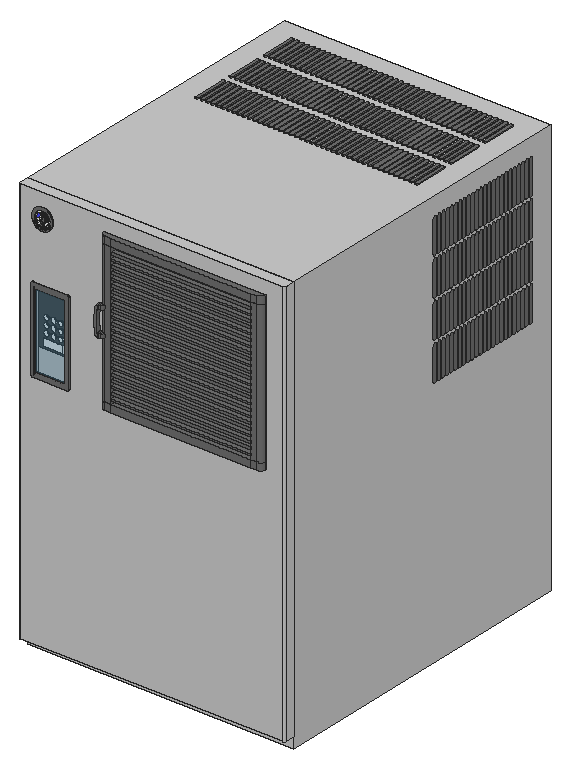
Revit family "QF_HOSHIZAKI_IM-130APE_251030081608", category Specialty Equipment, Revit 2021 (continued)
Definition of nested family "QF_HOSHIZAKI_IM-130APE_2920"
  Forms (mm)
    Extrusion 11, solid
      sketch origin (-498.752, -25.81, 878.5) x (-1, 0, 0) y (0, -1, 0)
        loop
          line (-731.252, 107.69) -> (-731.252, 175.69)
        loop
          arc (-742.252, 175.69) -> (-745.752, 179.19) -> (-749.252, 175.69) r 3.5
          line (-749.252, 175.69) -> (-749.252, 107.69)
          arc (-749.252, 107.69) -> (-745.752, 104.19) -> (-742.252, 107.69) r 3.5
          line (-742.252, 107.69) -> (-742.252, 175.69)
        loop
          arc (-753.252, 175.69) -> (-756.752, 179.19) -> (-760.252, 175.69) r 3.5
          line (-760.252, 175.69) -> (-760.252, 107.69)
          arc (-760.252, 107.69) -> (-756.752, 104.19) -> (-753.252, 107.69) r 3.5
          line (-753.252, 107.69) -> (-753.252, 175.69)
        loop
          arc (-764.252, 175.69) -> (-767.752, 179.19) -> (-771.252, 175.69) r 3.5
          line (-771.252, 175.69) -> (-771.252, 107.69)
          arc (-771.252, 107.69) -> (-767.752, 104.19) -> (-764.252, 107.69) r 3.5
          line (-764.252, 107.69) -> (-764.252, 175.69)
        loop
          arc (-775.252, 175.69) -> (-778.752, 179.19) -> (-782.252, 175.69) r 3.5
          line (-782.252, 175.69) -> (-782.252, 107.69)
          arc (-782.252, 107.69) -> (-778.752, 104.19) -> (-775.252, 107.69) r 3.5
          line (-775.252, 107.69) -> (-775.252, 175.69)
        loop
          arc (-786.252, 175.69) -> (-789.752, 179.19) -> (-793.252, 175.69) r 3.5
          line (-793.252, 175.69) -> (-793.252, 107.69)
          arc (-793.252, 107.69) -> (-789.752, 104.19) -> (-786.252, 107.69) r 3.5
          line (-786.252, 107.69) -> (-786.252, 175.69)
        loop
          arc (-797.252, 175.69) -> (-800.752, 179.19) -> (-804.252, 175.69) r 3.5
          line (-804.252, 175.69) -> (-804.252, 107.69)
          arc (-804.252, 107.69) -> (-800.752, 104.19) -> (-797.252, 107.69) r 3.5
          line (-797.252, 107.69) -> (-797.252, 175.69)
        loop
          arc (-544.252, 85.634) -> (-547.752, 89.134) -> (-551.252, 85.634) r 3.5
          line (-551.252, 85.634) -> (-551.252, 17.69)
          arc (-551.252, 17.69) -> (-547.752, 14.19) -> (-544.252, 17.69) r 3.5
          line (-544.252, 17.69) -> (-544.252, 85.634)
        loop
          arc (-555.252, 85.634) -> (-558.752, 89.134) -> (-562.252, 85.634) r 3.5
          line (-562.252, 85.634) -> (-562.252, 17.69)
          arc (-562.252, 17.69) -> (-558.752, 14.19) -> (-555.252, 17.69) r 3.5
          line (-555.252, 17.69) -> (-555.252, 85.634)
        loop
          arc (-566.252, 85.634) -> (-569.752, 89.134) -> (-573.252, 85.634) r 3.5
          line (-573.252, 85.634) -> (-573.252, 17.69)
          arc (-573.252, 17.69) -> (-569.752, 14.19) -> (-566.252, 17.69) r 3.5
          line (-566.252, 17.69) -> (-566.252, 85.634)
        loop
          arc (-577.252, 85.634) -> (-580.752, 89.134) -> (-584.252, 85.634) r 3.5
          line (-584.252, 85.634) -> (-584.252, 17.69)
          arc (-584.252, 17.69) -> (-580.752, 14.19) -> (-577.252, 17.69) r 3.5
          line (-577.252, 17.69) -> (-577.252, 85.634)
        loop
          arc (-588.252, 85.634) -> (-591.752, 89.134) -> (-595.252, 85.634) r 3.5
          line (-595.252, 85.634) -> (-595.252, 17.69)
          arc (-595.252, 17.69) -> (-591.752, 14.19) -> (-588.252, 17.69) r 3.5
          line (-588.252, 17.69) -> (-588.252, 85.634)
        loop
          arc (-599.252, 85.634) -> (-602.752, 89.134) -> (-606.252, 85.634) r 3.5
          line (-606.252, 85.634) -> (-606.252, 17.69)
          arc (-606.252, 17.69) -> (-602.752, 14.19) -> (-599.252, 17.69) r 3.5
          line (-599.252, 17.69) -> (-599.252, 85.634)
        loop
          arc (-610.252, 85.634) -> (-613.752, 89.134) -> (-617.252, 85.634) r 3.5
          line (-617.252, 85.634) -> (-617.252, 17.69)
          arc (-617.252, 17.69) -> (-613.752, 14.19) -> (-610.252, 17.69) r 3.5
          line (-610.252, 17.69) -> (-610.252, 85.634)
        loop
          arc (-621.252, 85.634) -> (-624.752, 89.134) -> (-628.252, 85.634) r 3.5
          line (-628.252, 85.634) -> (-628.252, 17.69)
          arc (-628.252, 17.69) -> (-624.752, 14.19) -> (-621.252, 17.69) r 3.5
          line (-621.252, 17.69) -> (-621.252, 85.634)
        loop
          arc (-632.252, 85.634) -> (-635.752, 89.134) -> (-639.252, 85.634) r 3.5
          line (-639.252, 85.634) -> (-639.252, 17.69)
          arc (-639.252, 17.69) -> (-635.752, 14.19) -> (-632.252, 17.69) r 3.5
          line (-632.252, 17.69) -> (-632.252, 85.634)
        loop
          arc (-643.252, 85.634) -> (-646.752, 89.134) -> (-650.252, 85.634) r 3.5
          line (-650.252, 85.634) -> (-650.252, 17.69)
          arc (-650.252, 17.69) -> (-646.752, 14.19) -> (-643.252, 17.69) r 3.5
          line (-643.252, 17.69) -> (-643.252, 85.634)
        loop
          arc (-654.252, 85.634) -> (-657.752, 89.134) -> (-661.252, 85.634) r 3.5
          line (-661.252, 85.634) -> (-661.252, 17.69)
          arc (-661.252, 17.69) -> (-657.752, 14.19) -> (-654.252, 17.69) r 3.5
          line (-654.252, 17.69) -> (-654.252, 85.634)
        loop
          arc (-665.252, 85.634) -> (-668.752, 89.134) -> (-672.252, 85.634) r 3.5
          line (-672.252, 85.634) -> (-672.252, 17.69)
          arc (-672.252, 17.69) -> (-668.752, 14.19) -> (-665.252, 17.69) r 3.5
          line (-665.252, 17.69) -> (-665.252, 85.634)
        loop
          arc (-676.252, 85.634) -> (-679.752, 89.134) -> (-683.252, 85.634) r 3.5
          line (-683.252, 85.634) -> (-683.252, 17.69)
          arc (-683.252, 17.69) -> (-679.752, 14.19) -> (-676.252, 17.69) r 3.5
          line (-676.252, 17.69) -> (-676.252, 85.634)
        loop
          arc (-687.252, 85.634) -> (-690.752, 89.134) -> (-694.252, 85.634) r 3.5
          line (-694.252, 85.634) -> (-694.252, 17.69)
          arc (-694.252, 17.69) -> (-690.752, 14.19) -> (-687.252, 17.69) r 3.5
          line (-687.252, 17.69) -> (-687.252, 85.634)
        loop
          arc (-698.252, 85.634) -> (-701.752, 89.134) -> (-705.252, 85.634) r 3.5
          line (-705.252, 85.634) -> (-705.252, 17.69)
          arc (-705.252, 17.69) -> (-701.752, 14.19) -> (-698.252, 17.69) r 3.5
          line (-698.252, 17.69) -> (-698.252, 85.634)
        loop
          arc (-709.252, 85.634) -> (-712.752, 89.134) -> (-716.252, 85.634) r 3.5
          line (-716.252, 85.634) -> (-716.252, 17.69)
          arc (-716.252, 17.69) -> (-712.752, 14.19) -> (-709.252, 17.69) r 3.5
          line (-709.252, 17.69) -> (-709.252, 85.634)
        loop
          arc (-720.252, 85.634) -> (-723.752, 89.134) -> (-727.252, 85.634) r 3.5
          line (-727.252, 85.634) -> (-727.252, 17.69)
          arc (-727.252, 17.69) -> (-723.752, 14.19) -> (-720.252, 17.69) r 3.5
          line (-720.252, 17.69) -> (-720.252, 85.634)
        loop
          arc (-731.252, 85.634) -> (-734.752, 89.134) -> (-738.252, 85.634) r 3.5
          line (-738.252, 85.634) -> (-738.252, 17.69)
          arc (-738.252, 17.69) -> (-734.752, 14.19) -> (-731.252, 17.69) r 3.5
          line (-731.252, 17.69) -> (-731.252, 85.634)
        loop
          arc (-742.252, 85.634) -> (-745.752, 89.134) -> (-749.252, 85.634) r 3.5
          line (-749.252, 85.634) -> (-749.252, 17.69)
          arc (-749.252, 17.69) -> (-745.752, 14.19) -> (-742.252, 17.69) r 3.5
          line (-742.252, 17.69) -> (-742.252, 85.634)
        loop
          arc (-753.252, 85.634) -> (-756.752, 89.134) -> (-760.252, 85.634) r 3.5
          line (-760.252, 85.634) -> (-760.252, 17.69)
          arc (-760.252, 17.69) -> (-756.752, 14.19) -> (-753.252, 17.69) r 3.5
          line (-753.252, 17.69) -> (-753.252, 85.634)
        loop
          arc (-764.252, 85.634) -> (-767.752, 89.134) -> (-771.252, 85.634) r 3.5
          line (-771.252, 85.634) -> (-771.252, 17.69)
          arc (-771.252, 17.69) -> (-767.752, 14.19) -> (-764.252, 17.69) r 3.5
          line (-764.252, 17.69) -> (-764.252, 85.634)
        loop
          arc (-775.252, 85.634) -> (-778.752, 89.134) -> (-782.252, 85.634) r 3.5
          line (-782.252, 85.634) -> (-782.252, 17.69)
          arc (-782.252, 17.69) -> (-778.752, 14.19) -> (-775.252, 17.69) r 3.5
          line (-775.252, 17.69) -> (-775.252, 85.634)
        loop
          arc (-786.252, 85.634) -> (-789.752, 89.134) -> (-793.252, 85.634) r 3.5
          line (-793.252, 85.634) -> (-793.252, 17.69)
          arc (-793.252, 17.69) -> (-789.752, 14.19) -> (-786.252, 17.69) r 3.5
          line (-786.252, 17.69) -> (-786.252, 85.634)
        loop
          arc (-797.252, 85.634) -> (-800.752, 89.134) -> (-804.252, 85.634) r 3.5
          line (-804.252, 85.634) -> (-804.252, 17.69)
          arc (-804.252, 17.69) -> (-800.752, 14.19) -> (-797.252, 17.69) r 3.5
          line (-797.252, 17.69) -> (-797.252, 85.634)
        loop
          arc (-808.252, 265.634) -> (-811.752, 269.134) -> (-815.252, 265.634) r 3.5
          line (-815.252, 265.634) -> (-815.252, 197.69)
          arc (-815.252, 197.69) -> (-811.752, 194.19) -> (-808.252, 197.69) r 3.5
          line (-808.252, 197.69) -> (-808.252, 265.634)
        loop
          arc (-819.252, 265.634) -> (-822.752, 269.134) -> (-826.252, 265.634) r 3.5
          line (-826.252, 265.634) -> (-826.252, 197.69)
          arc (-826.252, 197.69) -> (-822.752, 194.19) -> (-819.252, 197.69) r 3.5
          line (-819.252, 197.69) -> (-819.252, 265.634)
        loop
          arc (-830.252, 265.634) -> (-833.752, 269.134) -> (-837.252, 265.634) r 3.5
          line (-837.252, 265.634) -> (-837.252, 197.69)
          arc (-837.252, 197.69) -> (-833.752, 194.19) -> (-830.252, 197.69) r 3.5
          line (-830.252, 197.69) -> (-830.252, 265.634)
        loop
          arc (-841.252, 265.634) -> (-844.752, 269.134) -> (-848.252, 265.634) r 3.5
          line (-848.252, 265.634) -> (-848.252, 197.69)
          arc (-848.252, 197.69) -> (-844.752, 194.19) -> (-841.252, 197.69) r 3.5
          line (-841.252, 197.69) -> (-841.252, 265.634)
        loop
          arc (-852.252, 265.634) -> (-855.752, 269.134) -> (-859.252, 265.634) r 3.5
          line (-859.252, 265.634) -> (-859.252, 197.69)
          arc (-859.252, 197.69) -> (-855.752, 194.19) -> (-852.252, 197.69) r 3.5
          line (-852.252, 197.69) -> (-852.252, 265.634)
        loop
          arc (-863.252, 265.634) -> (-866.752, 269.134) -> (-870.252, 265.634) r 3.5
          line (-870.252, 265.634) -> (-870.252, 197.69)
          arc (-870.252, 197.69) -> (-866.752, 194.19) -> (-863.252, 197.69) r 3.5
          line (-863.252, 197.69) -> (-863.252, 265.634)
        loop
          arc (-874.252, 265.634) -> (-877.752, 269.134) -> (-881.252, 265.634) r 3.5
          line (-881.252, 265.634) -> (-881.252, 197.69)
          arc (-881.252, 197.69) -> (-877.752, 194.19) -> (-874.252, 197.69) r 3.5
          line (-874.252, 197.69) -> (-874.252, 265.634)
        loop
          arc (-885.252, 265.634) -> (-888.752, 269.134) -> (-892.252, 265.634) r 3.5
          line (-892.252, 265.634) -> (-892.252, 197.69)
          arc (-892.252, 197.69) -> (-888.752, 194.19) -> (-885.252, 197.69) r 3.5
          line (-885.252, 197.69) -> (-885.252, 265.634)
        loop
          arc (-896.252, 265.634) -> (-899.752, 269.134) -> (-903.252, 265.634) r 3.5
          line (-903.252, 265.634) -> (-903.252, 197.69)
          arc (-903.252, 197.69) -> (-899.752, 194.19) -> (-896.252, 197.69) r 3.5
          line (-896.252, 197.69) -> (-896.252, 265.634)
        loop
          arc (-907.252, 265.634) -> (-910.752, 269.134) -> (-914.252, 265.634) r 3.5
          line (-914.252, 265.634) -> (-914.252, 197.69)
          arc (-914.252, 197.69) -> (-910.752, 194.19) -> (-907.252, 197.69) r 3.5
          line (-907.252, 197.69) -> (-907.252, 265.634)
        loop
          arc (-808.252, 175.69) -> (-811.752, 179.19) -> (-815.252, 175.69) r 3.5
          line (-815.252, 175.69) -> (-815.252, 107.69)
          arc (-815.252, 107.69) -> (-811.752, 104.19) -> (-808.252, 107.69) r 3.5
          line (-808.252, 107.69) -> (-808.252, 175.69)
        loop
          arc (-819.252, 175.69) -> (-822.752, 179.19) -> (-826.252, 175.69) r 3.5
          line (-826.252, 175.69) -> (-826.252, 107.69)
          arc (-826.252, 107.69) -> (-822.752, 104.19) -> (-819.252, 107.69) r 3.5
          line (-819.252, 107.69) -> (-819.252, 175.69)
        loop
          arc (-830.252, 175.69) -> (-833.752, 179.19) -> (-837.252, 175.69) r 3.5
          line (-837.252, 175.69) -> (-837.252, 107.69)
          arc (-837.252, 107.69) -> (-833.752, 104.19) -> (-830.252, 107.69) r 3.5
          line (-830.252, 107.69) -> (-830.252, 175.69)
        loop
          arc (-841.252, 175.69) -> (-844.752, 179.19) -> (-848.252, 175.69) r 3.5
          line (-848.252, 175.69) -> (-848.252, 107.69)
          arc (-848.252, 107.69) -> (-844.752, 104.19) -> (-841.252, 107.69) r 3.5
          line (-841.252, 107.69) -> (-841.252, 175.69)
        loop
          arc (-852.252, 175.69) -> (-855.752, 179.19) -> (-859.252, 175.69) r 3.5
          line (-859.252, 175.69) -> (-859.252, 107.69)
          arc (-859.252, 107.69) -> (-855.752, 104.19) -> (-852.252, 107.69) r 3.5
          line (-852.252, 107.69) -> (-852.252, 175.69)
        loop
          arc (-863.252, 175.69) -> (-866.752, 179.19) -> (-870.252, 175.69) r 3.5
          line (-870.252, 175.69) -> (-870.252, 107.69)
          arc (-870.252, 107.69) -> (-866.752, 104.19) -> (-863.252, 107.69) r 3.5
          line (-863.252, 107.69) -> (-863.252, 175.69)
        loop
          arc (-874.252, 175.69) -> (-877.752, 179.19) -> (-881.252, 175.69) r 3.5
          line (-881.252, 175.69) -> (-881.252, 107.69)
          arc (-881.252, 107.69) -> (-877.752, 104.19) -> (-874.252, 107.69) r 3.5
          line (-874.252, 107.69) -> (-874.252, 175.69)
        loop
          arc (-885.252, 175.69) -> (-888.752, 179.19) -> (-892.252, 175.69) r 3.5
          line (-892.252, 175.69) -> (-892.252, 107.69)
          arc (-892.252, 107.69) -> (-888.752, 104.19) -> (-885.252, 107.69) r 3.5
          line (-885.252, 107.69) -> (-885.252, 175.69)
        loop
          arc (-896.252, 175.69) -> (-899.752, 179.19) -> (-903.252, 175.69) r 3.5
          line (-903.252, 175.69) -> (-903.252, 107.69)
          arc (-903.252, 107.69) -> (-899.752, 104.19) -> (-896.252, 107.69) r 3.5
          line (-896.252, 107.69) -> (-896.252, 175.69)
        loop
          arc (-907.252, 175.69) -> (-910.752, 179.19) -> (-914.252, 175.69) r 3.5
          line (-914.252, 175.69) -> (-914.252, 107.69)
          arc (-914.252, 107.69) -> (-910.752, 104.19) -> (-907.252, 107.69) r 3.5
          line (-907.252, 107.69) -> (-907.252, 175.69)
        loop
          arc (-808.252, 85.634) -> (-811.752, 89.134) -> (-815.252, 85.634) r 3.5
          line (-815.252, 85.634) -> (-815.252, 17.69)
          arc (-815.252, 17.69) -> (-811.752, 14.19) -> (-808.252, 17.69) r 3.5
          line (-808.252, 17.69) -> (-808.252, 85.634)
        loop
          arc (-819.252, 85.634) -> (-822.752, 89.134) -> (-826.252, 85.634) r 3.5
          line (-826.252, 85.634) -> (-826.252, 17.69)
          arc (-826.252, 17.69) -> (-822.752, 14.19) -> (-819.252, 17.69) r 3.5
          line (-819.252, 17.69) -> (-819.252, 85.634)
        loop
          arc (-830.252, 85.634) -> (-833.752, 89.134) -> (-837.252, 85.634) r 3.5
          line (-837.252, 85.634) -> (-837.252, 17.69)
          arc (-837.252, 17.69) -> (-833.752, 14.19) -> (-830.252, 17.69) r 3.5
          line (-830.252, 17.69) -> (-830.252, 85.634)
        loop
          arc (-841.252, 85.634) -> (-844.752, 89.134) -> (-848.252, 85.634) r 3.5
          line (-848.252, 85.634) -> (-848.252, 17.69)
          arc (-848.252, 17.69) -> (-844.752, 14.19) -> (-841.252, 17.69) r 3.5
          line (-841.252, 17.69) -> (-841.252, 85.634)
        loop
          arc (-852.252, 85.634) -> (-855.752, 89.134) -> (-859.252, 85.634) r 3.5
          line (-859.252, 85.634) -> (-859.252, 17.69)
          arc (-859.252, 17.69) -> (-855.752, 14.19) -> (-852.252, 17.69) r 3.5
          line (-852.252, 17.69) -> (-852.252, 85.634)
        loop
          arc (-863.252, 85.634) -> (-866.752, 89.134) -> (-870.252, 85.634) r 3.5
          line (-870.252, 85.634) -> (-870.252, 17.69)
          arc (-870.252, 17.69) -> (-866.752, 14.19) -> (-863.252, 17.69) r 3.5
          line (-863.252, 17.69) -> (-863.252, 85.634)
        loop
          arc (-874.252, 85.634) -> (-877.752, 89.134) -> (-881.252, 85.634) r 3.5
          line (-881.252, 85.634) -> (-881.252, 17.69)
          arc (-881.252, 17.69) -> (-877.752, 14.19) -> (-874.252, 17.69) r 3.5
          line (-874.252, 17.69) -> (-874.252, 85.634)
        loop
          arc (-885.252, 85.634) -> (-888.752, 89.134) -> (-892.252, 85.634) r 3.5
          line (-892.252, 85.634) -> (-892.252, 17.69)
          arc (-892.252, 17.69) -> (-888.752, 14.19) -> (-885.252, 17.69) r 3.5
          line (-885.252, 17.69) -> (-885.252, 85.634)
        loop
          arc (-896.252, 85.634) -> (-899.752, 89.134) -> (-903.252, 85.634) r 3.5
          line (-903.252, 85.634) -> (-903.252, 17.69)
          arc (-903.252, 17.69) -> (-899.752, 14.19) -> (-896.252, 17.69) r 3.5
          line (-896.252, 17.69) -> (-896.252, 85.634)
        loop
          arc (-907.252, 85.634) -> (-910.752, 89.134) -> (-914.252, 85.634) r 3.5
          line (-914.252, 85.634) -> (-914.252, 17.69)
          arc (-914.252, 17.69) -> (-910.752, 14.19) -> (-907.252, 17.69) r 3.5
          line (-907.252, 17.69) -> (-907.252, 85.634)
        loop
          arc (-918.252, 265.634) -> (-921.752, 269.134) -> (-925.252, 265.634) r 3.5
          line (-925.252, 265.634) -> (-925.252, 197.69)
          arc (-925.252, 197.69) -> (-921.752, 194.19) -> (-918.252, 197.69) r 3.5
          line (-918.252, 197.69) -> (-918.252, 265.634)
        loop
          arc (-929.252, 265.634) -> (-932.752, 269.134) -> (-936.252, 265.634) r 3.5
          line (-936.252, 265.634) -> (-936.252, 197.69)
          arc (-936.252, 197.69) -> (-932.752, 194.19) -> (-929.252, 197.69) r 3.5
          line (-929.252, 197.69) -> (-929.252, 265.634)
        loop
          arc (-940.252, 265.634) -> (-943.752, 269.134) -> (-947.252, 265.634) r 3.5
          line (-947.252, 265.634) -> (-947.252, 197.69)
          arc (-947.252, 197.69) -> (-943.752, 194.19) -> (-940.252, 197.69) r 3.5
          line (-940.252, 197.69) -> (-940.252, 265.634)
        loop
          arc (-951.252, 265.634) -> (-954.752, 269.134) -> (-958.252, 265.634) r 3.5
          line (-958.252, 265.634) -> (-958.252, 197.69)
          arc (-958.252, 197.69) -> (-954.752, 194.19) -> (-951.252, 197.69) r 3.5
          line (-951.252, 197.69) -> (-951.252, 265.634)
        loop
          arc (-962.252, 265.634) -> (-965.752, 269.134) -> (-969.252, 265.634) r 3.5
          line (-969.252, 265.634) -> (-969.252, 197.69)
          arc (-969.252, 197.69) -> (-965.752, 194.19) -> (-962.252, 197.69) r 3.5
          line (-962.252, 197.69) -> (-962.252, 265.634)
        loop
          arc (-973.252, 265.634) -> (-976.752, 269.134) -> (-980.252, 265.634) r 3.5
          line (-980.252, 265.634) -> (-980.252, 197.69)
          arc (-980.252, 197.69) -> (-976.752, 194.19) -> (-973.252, 197.69) r 3.5
          line (-973.252, 197.69) -> (-973.252, 265.634)
        loop
          arc (-984.252, 265.634) -> (-987.752, 269.134) -> (-991.252, 265.634) r 3.5
          line (-991.252, 265.634) -> (-991.252, 197.69)
          arc (-991.252, 197.69) -> (-987.752, 194.19) -> (-984.252, 197.69) r 3.5
          line (-984.252, 197.69) -> (-984.252, 265.634)
        loop
          arc (-995.252, 265.634) -> (-998.752, 269.134) -> (-1002.252, 265.634) r 3.5
          line (-1002.252, 265.634) -> (-1002.252, 197.69)
          arc (-1002.252, 197.69) -> (-998.752, 194.19) -> (-995.252, 197.69) r 3.5
          line (-995.252, 197.69) -> (-995.252, 265.634)
        loop
          arc (-1006.252, 265.634) -> (-1009.752, 269.134) -> (-1013.252, 265.634) r 3.5
          line (-1013.252, 265.634) -> (-1013.252, 197.69)
          arc (-1013.252, 197.69) -> (-1009.752, 194.19) -> (-1006.252, 197.69) r 3.5
          line (-1006.252, 197.69) -> (-1006.252, 265.634)
        loop
          arc (-918.252, 175.69) -> (-921.752, 179.19) -> (-925.252, 175.69) r 3.5
          line (-925.252, 175.69) -> (-925.252, 107.69)
          arc (-925.252, 107.69) -> (-921.752, 104.19) -> (-918.252, 107.69) r 3.5
          line (-918.252, 107.69) -> (-918.252, 175.69)
        loop
          arc (-929.252, 175.69) -> (-932.752, 179.19) -> (-936.252, 175.69) r 3.5
          line (-936.252, 175.69) -> (-936.252, 107.69)
          arc (-936.252, 107.69) -> (-932.752, 104.19) -> (-929.252, 107.69) r 3.5
          line (-929.252, 107.69) -> (-929.252, 175.69)
        loop
          arc (-940.252, 175.69) -> (-943.752, 179.19) -> (-947.252, 175.69) r 3.5
          line (-947.252, 175.69) -> (-947.252, 107.69)
          arc (-947.252, 107.69) -> (-943.752, 104.19) -> (-940.252, 107.69) r 3.5
          line (-940.252, 107.69) -> (-940.252, 175.69)
        loop
          arc (-951.252, 175.69) -> (-954.752, 179.19) -> (-958.252, 175.69) r 3.5
          line (-958.252, 175.69) -> (-958.252, 107.69)
          arc (-958.252, 107.69) -> (-954.752, 104.19) -> (-951.252, 107.69) r 3.5
          line (-951.252, 107.69) -> (-951.252, 175.69)
        loop
          arc (-962.252, 175.69) -> (-965.752, 179.19) -> (-969.252, 175.69) r 3.5
          line (-969.252, 175.69) -> (-969.252, 107.69)
          arc (-969.252, 107.69) -> (-965.752, 104.19) -> (-962.252, 107.69) r 3.5
          line (-962.252, 107.69) -> (-962.252, 175.69)
        loop
          arc (-973.252, 175.69) -> (-976.752, 179.19) -> (-980.252, 175.69) r 3.5
          line (-980.252, 175.69) -> (-980.252, 107.69)
          arc (-980.252, 107.69) -> (-976.752, 104.19) -> (-973.252, 107.69) r 3.5
          line (-973.252, 107.69) -> (-973.252, 175.69)
        loop
          arc (-984.252, 175.69) -> (-987.752, 179.19) -> (-991.252, 175.69) r 3.5
          line (-991.252, 175.69) -> (-991.252, 107.69)
          arc (-991.252, 107.69) -> (-987.752, 104.19) -> (-984.252, 107.69) r 3.5
          line (-984.252, 107.69) -> (-984.252, 175.69)
        loop
          arc (-995.252, 175.69) -> (-998.752, 179.19) -> (-1002.252, 175.69) r 3.5
          line (-1002.252, 175.69) -> (-1002.252, 107.69)
          arc (-1002.252, 107.69) -> (-998.752, 104.19) -> (-995.252, 107.69) r 3.5
          line (-995.252, 107.69) -> (-995.252, 175.69)
        loop
          arc (-1006.252, 175.69) -> (-1009.752, 179.19) -> (-1013.252, 175.69) r 3.5
          line (-1013.252, 175.69) -> (-1013.252, 107.69)
          arc (-1013.252, 107.69) -> (-1009.752, 104.19) -> (-1006.252, 107.69) r 3.5
          line (-1006.252, 107.69) -> (-1006.252, 175.69)
        loop
          arc (-918.252, 85.634) -> (-921.752, 89.134) -> (-925.252, 85.634) r 3.5
          line (-925.252, 85.634) -> (-925.252, 17.69)
          arc (-925.252, 17.69) -> (-921.752, 14.19) -> (-918.252, 17.69) r 3.5
          line (-918.252, 17.69) -> (-918.252, 85.634)
        loop
          arc (-929.252, 85.634) -> (-932.752, 89.134) -> (-936.252, 85.634) r 3.5
          line (-936.252, 85.634) -> (-936.252, 17.69)
          arc (-936.252, 17.69) -> (-932.752, 14.19) -> (-929.252, 17.69) r 3.5
          line (-929.252, 17.69) -> (-929.252, 85.634)
        loop
          arc (-940.252, 85.634) -> (-943.752, 89.134) -> (-947.252, 85.634) r 3.5
          line (-947.252, 85.634) -> (-947.252, 17.69)
          arc (-947.252, 17.69) -> (-943.752, 14.19) -> (-940.252, 17.69) r 3.5
          line (-940.252, 17.69) -> (-940.252, 85.634)
        loop
          arc (-951.252, 85.634) -> (-954.752, 89.134) -> (-958.252, 85.634) r 3.5
          line (-958.252, 85.634) -> (-958.252, 17.69)
          arc (-958.252, 17.69) -> (-954.752, 14.19) -> (-951.252, 17.69) r 3.5
          line (-951.252, 17.69) -> (-951.252, 85.634)
        loop
          arc (-962.252, 85.634) -> (-965.752, 89.134) -> (-969.252, 85.634) r 3.5
          line (-969.252, 85.634) -> (-969.252, 17.69)
          arc (-969.252, 17.69) -> (-965.752, 14.19) -> (-962.252, 17.69) r 3.5
          line (-962.252, 17.69) -> (-962.252, 85.634)
        loop
          arc (-973.252, 85.634) -> (-976.752, 89.134) -> (-980.252, 85.634) r 3.5
          line (-980.252, 85.634) -> (-980.252, 17.69)
          arc (-980.252, 17.69) -> (-976.752, 14.19) -> (-973.252, 17.69) r 3.5
          line (-973.252, 17.69) -> (-973.252, 85.634)
        loop
          arc (-984.252, 85.634) -> (-987.752, 89.134) -> (-991.252, 85.634) r 3.5
          line (-991.252, 85.634) -> (-991.252, 17.69)
          arc (-991.252, 17.69) -> (-987.752, 14.19) -> (-984.252, 17.69) r 3.5
          line (-984.252, 17.69) -> (-984.252, 85.634)
        loop
          arc (-995.252, 85.634) -> (-998.752, 89.134) -> (-1002.252, 85.634) r 3.5
          line (-1002.252, 85.634) -> (-1002.252, 17.69)
          arc (-1002.252, 17.69) -> (-998.752, 14.19) -> (-995.252, 17.69) r 3.5
          line (-995.252, 17.69) -> (-995.252, 85.634)
        loop
          arc (-1006.252, 85.634) -> (-1009.752, 89.134) -> (-1013.252, 85.634) r 3.5
          line (-1013.252, 85.634) -> (-1013.252, 17.69)
          arc (-1013.252, 17.69) -> (-1009.752, 14.19) -> (-1006.252, 17.69) r 3.5
          line (-1006.252, 17.69) -> (-1006.252, 85.634)
      from 0 to 2
    Extrusion 12, solid
      sketch origin (1066.159, 778.565, 0) x (1, 0, 0) y (0, 1, 0)
        loop
          line (-1066.159, -1453.565) -> (-506.159, -1453.565) -> (-506.159, -778.565) -> (-1066.159, -778.565) -> (-1066.159, -1453.565)
      from 0 to 880
    Extrusion 13, solid
      sketch origin (195.5, -246.9, 865.516) x (1, 0, 0) y (0, 1, 0)
        loop
          line (325.5, -453.1) -> (303.5, -453.1) -> (303.5, -465.393)
          arc (303.5, -465.393) -> (309.59, -465.197) -> (315.681, -465.034) r 1092.521
          arc (315.681, -465.034) -> (322.635, -462.042) -> (325.5, -455.034) r 10.002
          line (325.5, -455.034) -> (325.5, -453.1)
        loop
          line (-14.5, -453.1) -> (-14.5, -455.034)
          arc (-14.5, -455.034) -> (-11.635, -462.042) -> (-4.681, -465.034) r 10.002
          arc (-4.681, -465.034) -> (1.41, -465.197) -> (7.5, -465.393) r 1092.521
          line (7.5, -465.393) -> (7.5, -453.1) -> (-14.5, -453.1)
      from -326.266 to -27.766
    Extrusion 14, solid
      sketch origin (165.5, -246.9, 844.169) x (1, 0, 0) y (0, 1, 0)
        loop
          line (15.5, -453.1) -> (15.5, -455.034)
          arc (15.5, -455.034) -> (18.326, -462.002) -> (25.208, -465.032) r 10.002
          arc (25.208, -465.032) -> (31.354, -465.195) -> (37.5, -465.393) r 1092.521
          arc (37.5, -465.393) -> (185.5, -473.1) -> (333.5, -465.393) r 1424.956
          arc (333.5, -465.393) -> (339.646, -465.195) -> (345.792, -465.032) r 1092.521
          arc (345.792, -465.032) -> (352.674, -462.002) -> (355.5, -455.034) r 10.002
          line (355.5, -455.034) -> (355.5, -453.1) -> (15.5, -453.1)
      from -6.419 to 8.581
    Extrusion 15, solid
      sketch origin (169.5, -249.137, 821.992) x (1, 0, 0) y (0, 1, 0)
        loop
          line (33.5, -450.863) -> (33.5, -463.156)
          arc (33.5, -463.156) -> (181.5, -470.863) -> (329.5, -463.156) r 1424.956
          line (329.5, -463.156) -> (329.5, -450.863) -> (33.5, -450.863)
      from 0 to 5
    Extrusion 16, solid
      sketch origin (1257.912, -254.32, 416.9) x (0.981627, 0.190809, 0) y (0, 0, 1)
        loop
          arc (-1151.197, 298.873) -> (-1152.843, 274.1) -> (-1151.197, 249.327) r 187.231
          arc (-1151.197, 249.327) -> (-1149.194, 245.591) -> (-1145.226, 244.1) r 6.024
          line (-1145.226, 244.1) -> (-1145.226, 250.998)
          arc (-1145.226, 250.998) -> (-1146.248, 251.278) -> (-1146.611, 252.274) r 1.156
          arc (-1146.611, 252.274) -> (-1148.006, 274.246) -> (-1146.611, 296.218) r 173.751
          arc (-1146.611, 296.218) -> (-1146.134, 297.014) -> (-1145.226, 297.202) r 1.156
          line (-1145.226, 297.202) -> (-1145.226, 304.1)
          arc (-1145.226, 304.1) -> (-1149.194, 302.609) -> (-1151.197, 298.873) r 6.024
      from 240.648 to 249.648
    Extrusion 17, solid
      sketch origin (-10.944, -197.237, 416.9) x (1, 0, 0) y (0, 1, 0)
        loop
          line (190.589, -511.828) -> (192.306, -520.663) -> (196.664, -519.816)
          arc (196.664, -519.816) -> (200.688, -515.7) -> (199.045, -510.184) r 5.675
          line (199.045, -510.184) -> (190.589, -511.828)
      from 297.227 to 304.1
    Extrusion 18, solid
      sketch origin (-10.944, -197.237, 363.773) x (1, 0, 0) y (0, 1, 0)
        loop
          line (190.589, -511.828) -> (192.306, -520.663) -> (196.664, -519.816)
          arc (196.664, -519.816) -> (200.688, -515.7) -> (199.045, -510.184) r 5.675
          line (199.045, -510.184) -> (190.589, -511.828)
      from 297.227 to 304.1
    Extrusion 19, solid
      sketch origin (-793.685, 98.02, 630) x (1, 0, 0) y (0, 1, 0)
        loop
          line (1353.685, -773.02) -> (793.685, -773.02) -> (793.685, -793.02)
          arc (793.685, -793.02) -> (795.15, -796.555) -> (798.685, -798.02) r 5
          line (798.685, -798.02) -> (1348.685, -798.02)
          arc (1348.685, -798.02) -> (1352.221, -796.555) -> (1353.685, -793.02) r 5
          line (1353.685, -793.02) -> (1353.685, -773.02)
      from -607.5 to 250
    Extrusion 20, solid
      sketch origin (560.5, -889.067, 635.04) x (0, -1, 0) y (0, 0, 1)
        loop
          arc (-579.567, 204.442) -> (-583.067, 207.942) -> (-586.567, 204.442) r 3.5
          line (-586.567, 204.442) -> (-586.567, 136.498)
          arc (-586.567, 136.498) -> (-583.067, 132.998) -> (-579.567, 136.498) r 3.5
          line (-579.567, 136.498) -> (-579.567, 204.442)
        loop
          arc (-590.567, 204.442) -> (-594.067, 207.942) -> (-597.567, 204.442) r 3.5
          line (-597.567, 204.442) -> (-597.567, 136.498)
          arc (-597.567, 136.498) -> (-594.067, 132.998) -> (-590.567, 136.498) r 3.5
          line (-590.567, 136.498) -> (-590.567, 204.442)
        loop
          arc (-601.567, 204.442) -> (-605.067, 207.942) -> (-608.567, 204.442) r 3.5
          line (-608.567, 204.442) -> (-608.567, 136.498)
          arc (-608.567, 136.498) -> (-605.067, 132.998) -> (-601.567, 136.498) r 3.5
          line (-601.567, 136.498) -> (-601.567, 204.442)
        loop
          arc (-612.567, 204.442) -> (-616.067, 207.942) -> (-619.567, 204.442) r 3.5
          line (-619.567, 204.442) -> (-619.567, 136.498)
          arc (-619.567, 136.498) -> (-616.067, 132.998) -> (-612.567, 136.498) r 3.5
          line (-612.567, 136.498) -> (-612.567, 204.442)
        loop
          arc (-623.567, 204.442) -> (-627.067, 207.942) -> (-630.567, 204.442) r 3.5
          line (-630.567, 204.442) -> (-630.567, 136.498)
          arc (-630.567, 136.498) -> (-627.067, 132.998) -> (-623.567, 136.498) r 3.5
          line (-623.567, 136.498) -> (-623.567, 204.442)
        loop
          arc (-634.567, 204.442) -> (-638.067, 207.942) -> (-641.567, 204.442) r 3.5
          line (-641.567, 204.442) -> (-641.567, 136.498)
          arc (-641.567, 136.498) -> (-638.067, 132.998) -> (-634.567, 136.498) r 3.5
          line (-634.567, 136.498) -> (-634.567, 204.442)
        loop
          arc (-645.567, 204.442) -> (-649.067, 207.942) -> (-652.567, 204.442) r 3.5
          line (-652.567, 204.442) -> (-652.567, 136.498)
          arc (-652.567, 136.498) -> (-649.067, 132.998) -> (-645.567, 136.498) r 3.5
          line (-645.567, 136.498) -> (-645.567, 204.442)
        loop
          arc (-656.567, 204.442) -> (-660.067, 207.942) -> (-663.567, 204.442) r 3.5
          line (-663.567, 204.442) -> (-663.567, 136.498)
          arc (-663.567, 136.498) -> (-660.067, 132.998) -> (-656.567, 136.498) r 3.5
          line (-656.567, 136.498) -> (-656.567, 204.442)
        loop
          arc (-667.567, 204.442) -> (-671.067, 207.942) -> (-674.567, 204.442) r 3.5
          line (-674.567, 204.442) -> (-674.567, 136.498)
          arc (-674.567, 136.498) -> (-671.067, 132.998) -> (-667.567, 136.498) r 3.5
          line (-667.567, 136.498) -> (-667.567, 204.442)
        loop
          arc (-678.567, 204.442) -> (-682.067, 207.942) -> (-685.567, 204.442) r 3.5
          line (-685.567, 204.442) -> (-685.567, 136.498)
          arc (-685.567, 136.498) -> (-682.067, 132.998) -> (-678.567, 136.498) r 3.5
          line (-678.567, 136.498) -> (-678.567, 204.442)
        loop
          arc (-689.567, 204.442) -> (-693.067, 207.942) -> (-696.567, 204.442) r 3.5
          line (-696.567, 204.442) -> (-696.567, 136.498)
          arc (-696.567, 136.498) -> (-693.067, 132.998) -> (-689.567, 136.498) r 3.5
          line (-689.567, 136.498) -> (-689.567, 204.442)
        loop
          arc (-700.567, 204.442) -> (-704.067, 207.942) -> (-707.567, 204.442) r 3.5
          line (-707.567, 204.442) -> (-707.567, 136.498)
          arc (-707.567, 136.498) -> (-704.067, 132.998) -> (-700.567, 136.498) r 3.5
          line (-700.567, 136.498) -> (-700.567, 204.442)
        loop
          arc (-711.567, 204.442) -> (-715.067, 207.942) -> (-718.567, 204.442) r 3.5
          line (-718.567, 204.442) -> (-718.567, 136.498)
          arc (-718.567, 136.498) -> (-715.067, 132.998) -> (-711.567, 136.498) r 3.5
          line (-711.567, 136.498) -> (-711.567, 204.442)
        loop
          arc (-722.567, 204.442) -> (-726.067, 207.942) -> (-729.567, 204.442) r 3.5
          line (-729.567, 204.442) -> (-729.567, 136.498)
          arc (-729.567, 136.498) -> (-726.067, 132.998) -> (-722.567, 136.498) r 3.5
          line (-722.567, 136.498) -> (-722.567, 204.442)
        loop
          arc (-733.567, 204.442) -> (-737.067, 207.942) -> (-740.567, 204.442) r 3.5
          line (-740.567, 204.442) -> (-740.567, 136.498)
          arc (-740.567, 136.498) -> (-737.067, 132.998) -> (-733.567, 136.498) r 3.5
          line (-733.567, 136.498) -> (-733.567, 204.442)
        loop
          arc (-744.567, 204.442) -> (-748.067, 207.942) -> (-751.567, 204.442) r 3.5
          line (-751.567, 204.442) -> (-751.567, 136.498)
          arc (-751.567, 136.498) -> (-748.067, 132.998) -> (-744.567, 136.498) r 3.5
          line (-744.567, 136.498) -> (-744.567, 204.442)
        loop
          arc (-755.567, 204.442) -> (-759.067, 207.942) -> (-762.567, 204.442) r 3.5
          line (-762.567, 204.442) -> (-762.567, 136.498)
          arc (-762.567, 136.498) -> (-759.067, 132.998) -> (-755.567, 136.498) r 3.5
          line (-755.567, 136.498) -> (-755.567, 204.442)
        loop
          arc (-766.567, 204.442) -> (-770.067, 207.942) -> (-773.567, 204.442) r 3.5
          line (-773.567, 204.442) -> (-773.567, 136.498)
          arc (-773.567, 136.498) -> (-770.067, 132.998) -> (-766.567, 136.498) r 3.5
          line (-766.567, 136.498) -> (-766.567, 204.442)
        loop
          arc (-777.567, 204.442) -> (-781.067, 207.942) -> (-784.567, 204.442) r 3.5
          line (-784.567, 204.442) -> (-784.567, 136.498)
          arc (-784.567, 136.498) -> (-781.067, 132.998) -> (-777.567, 136.498) r 3.5
          line (-777.567, 136.498) -> (-777.567, 204.442)
        loop
          arc (-788.567, 204.442) -> (-792.067, 207.942) -> (-795.567, 204.442) r 3.5
          line (-795.567, 204.442) -> (-795.567, 136.498)
          arc (-795.567, 136.498) -> (-792.067, 132.998) -> (-788.567, 136.498) r 3.5
          line (-788.567, 136.498) -> (-788.567, 204.442)
        loop
          arc (-799.567, 204.442) -> (-803.067, 207.942) -> (-806.567, 204.442) r 3.5
          line (-806.567, 204.442) -> (-806.567, 136.498)
          arc (-806.567, 136.498) -> (-803.067, 132.998) -> (-799.567, 136.498) r 3.5
          line (-799.567, 136.498) -> (-799.567, 204.442)
        loop
          arc (-810.567, 204.442) -> (-814.067, 207.942) -> (-817.567, 204.442) r 3.5
          line (-817.567, 204.442) -> (-817.567, 136.498)
          arc (-817.567, 136.498) -> (-814.067, 132.998) -> (-810.567, 136.498) r 3.5
          line (-810.567, 136.498) -> (-810.567, 204.442)
        loop
          arc (-821.567, 204.442) -> (-825.067, 207.942) -> (-828.567, 204.442) r 3.5
          line (-828.567, 204.442) -> (-828.567, 136.498)
          arc (-828.567, 136.498) -> (-825.067, 132.998) -> (-821.567, 136.498) r 3.5
          line (-821.567, 136.498) -> (-821.567, 204.442)
        loop
          arc (-832.567, 204.442) -> (-836.067, 207.942) -> (-839.567, 204.442) r 3.5
          line (-839.567, 204.442) -> (-839.567, 136.498)
          arc (-839.567, 136.498) -> (-836.067, 132.998) -> (-832.567, 136.498) r 3.5
          line (-832.567, 136.498) -> (-832.567, 204.442)
        loop
          arc (-579.567, 124.442) -> (-583.067, 127.942) -> (-586.567, 124.442) r 3.5
          line (-586.567, 124.442) -> (-586.567, 56.498)
          arc (-586.567, 56.498) -> (-583.067, 52.998) -> (-579.567, 56.498) r 3.5
          line (-579.567, 56.498) -> (-579.567, 124.442)
        loop
          arc (-590.567, 124.442) -> (-594.067, 127.942) -> (-597.567, 124.442) r 3.5
          line (-597.567, 124.442) -> (-597.567, 56.498)
          arc (-597.567, 56.498) -> (-594.067, 52.998) -> (-590.567, 56.498) r 3.5
          line (-590.567, 56.498) -> (-590.567, 124.442)
        loop
          arc (-601.567, 124.442) -> (-605.067, 127.942) -> (-608.567, 124.442) r 3.5
          line (-608.567, 124.442) -> (-608.567, 56.498)
          arc (-608.567, 56.498) -> (-605.067, 52.998) -> (-601.567, 56.498) r 3.5
          line (-601.567, 56.498) -> (-601.567, 124.442)
        loop
          arc (-612.567, 124.442) -> (-616.067, 127.942) -> (-619.567, 124.442) r 3.5
          line (-619.567, 124.442) -> (-619.567, 56.498)
          arc (-619.567, 56.498) -> (-616.067, 52.998) -> (-612.567, 56.498) r 3.5
          line (-612.567, 56.498) -> (-612.567, 124.442)
        loop
          arc (-623.567, 124.442) -> (-627.067, 127.942) -> (-630.567, 124.442) r 3.5
          line (-630.567, 124.442) -> (-630.567, 56.498)
          arc (-630.567, 56.498) -> (-627.067, 52.998) -> (-623.567, 56.498) r 3.5
          line (-623.567, 56.498) -> (-623.567, 124.442)
        loop
          arc (-634.567, 124.442) -> (-638.067, 127.942) -> (-641.567, 124.442) r 3.5
          line (-641.567, 124.442) -> (-641.567, 56.498)
          arc (-641.567, 56.498) -> (-638.067, 52.998) -> (-634.567, 56.498) r 3.5
          line (-634.567, 56.498) -> (-634.567, 124.442)
        loop
          arc (-645.567, 124.442) -> (-649.067, 127.942) -> (-652.567, 124.442) r 3.5
          line (-652.567, 124.442) -> (-652.567, 56.498)
          arc (-652.567, 56.498) -> (-649.067, 52.998) -> (-645.567, 56.498) r 3.5
          line (-645.567, 56.498) -> (-645.567, 124.442)
        loop
          arc (-656.567, 124.442) -> (-660.067, 127.942) -> (-663.567, 124.442) r 3.5
          line (-663.567, 124.442) -> (-663.567, 56.498)
          arc (-663.567, 56.498) -> (-660.067, 52.998) -> (-656.567, 56.498) r 3.5
          line (-656.567, 56.498) -> (-656.567, 124.442)
        loop
          arc (-667.567, 124.442) -> (-671.067, 127.942) -> (-674.567, 124.442) r 3.5
          line (-674.567, 124.442) -> (-674.567, 56.498)
          arc (-674.567, 56.498) -> (-671.067, 52.998) -> (-667.567, 56.498) r 3.5
          line (-667.567, 56.498) -> (-667.567, 124.442)
        loop
          arc (-678.567, 124.442) -> (-682.067, 127.942) -> (-685.567, 124.442) r 3.5
          line (-685.567, 124.442) -> (-685.567, 56.498)
          arc (-685.567, 56.498) -> (-682.067, 52.998) -> (-678.567, 56.498) r 3.5
          line (-678.567, 56.498) -> (-678.567, 124.442)
        loop
          arc (-689.567, 124.442) -> (-693.067, 127.942) -> (-696.567, 124.442) r 3.5
          line (-696.567, 124.442) -> (-696.567, 56.498)
          arc (-696.567, 56.498) -> (-693.067, 52.998) -> (-689.567, 56.498) r 3.5
          line (-689.567, 56.498) -> (-689.567, 124.442)
        loop
          arc (-700.567, 124.442) -> (-704.067, 127.942) -> (-707.567, 124.442) r 3.5
          line (-707.567, 124.442) -> (-707.567, 56.498)
          arc (-707.567, 56.498) -> (-704.067, 52.998) -> (-700.567, 56.498) r 3.5
          line (-700.567, 56.498) -> (-700.567, 124.442)
        loop
          arc (-711.567, 124.442) -> (-715.067, 127.942) -> (-718.567, 124.442) r 3.5
          line (-718.567, 124.442) -> (-718.567, 56.498)
          arc (-718.567, 56.498) -> (-715.067, 52.998) -> (-711.567, 56.498) r 3.5
          line (-711.567, 56.498) -> (-711.567, 124.442)
        loop
          arc (-722.567, 124.442) -> (-726.067, 127.942) -> (-729.567, 124.442) r 3.5
          line (-729.567, 124.442) -> (-729.567, 56.498)
          arc (-729.567, 56.498) -> (-726.067, 52.998) -> (-722.567, 56.498) r 3.5
          line (-722.567, 56.498) -> (-722.567, 124.442)
        loop
          arc (-733.567, 124.442) -> (-737.067, 127.942) -> (-740.567, 124.442) r 3.5
          line (-740.567, 124.442) -> (-740.567, 56.498)
          arc (-740.567, 56.498) -> (-737.067, 52.998) -> (-733.567, 56.498) r 3.5
          line (-733.567, 56.498) -> (-733.567, 124.442)
        loop
          arc (-744.567, 124.442) -> (-748.067, 127.942) -> (-751.567, 124.442) r 3.5
          line (-751.567, 124.442) -> (-751.567, 56.498)
          arc (-751.567, 56.498) -> (-748.067, 52.998) -> (-744.567, 56.498) r 3.5
          line (-744.567, 56.498) -> (-744.567, 124.442)
        loop
          arc (-755.567, 124.442) -> (-759.067, 127.942) -> (-762.567, 124.442) r 3.5
          line (-762.567, 124.442) -> (-762.567, 56.498)
          arc (-762.567, 56.498) -> (-759.067, 52.998) -> (-755.567, 56.498) r 3.5
          line (-755.567, 56.498) -> (-755.567, 124.442)
        loop
          arc (-766.567, 124.442) -> (-770.067, 127.942) -> (-773.567, 124.442) r 3.5
          line (-773.567, 124.442) -> (-773.567, 56.498)
          arc (-773.567, 56.498) -> (-770.067, 52.998) -> (-766.567, 56.498) r 3.5
          line (-766.567, 56.498) -> (-766.567, 124.442)
        loop
          arc (-777.567, 124.442) -> (-781.067, 127.942) -> (-784.567, 124.442) r 3.5
          line (-784.567, 124.442) -> (-784.567, 56.498)
          arc (-784.567, 56.498) -> (-781.067, 52.998) -> (-777.567, 56.498) r 3.5
          line (-777.567, 56.498) -> (-777.567, 124.442)
        loop
          arc (-788.567, 124.442) -> (-792.067, 127.942) -> (-795.567, 124.442) r 3.5
          line (-795.567, 124.442) -> (-795.567, 56.498)
          arc (-795.567, 56.498) -> (-792.067, 52.998) -> (-788.567, 56.498) r 3.5
          line (-788.567, 56.498) -> (-788.567, 124.442)
        loop
          arc (-799.567, 124.442) -> (-803.067, 127.942) -> (-806.567, 124.442) r 3.5
          line (-806.567, 124.442) -> (-806.567, 56.498)
          arc (-806.567, 56.498) -> (-803.067, 52.998) -> (-799.567, 56.498) r 3.5
          line (-799.567, 56.498) -> (-799.567, 124.442)
        loop
          arc (-810.567, 124.442) -> (-814.067, 127.942) -> (-817.567, 124.442) r 3.5
          line (-817.567, 124.442) -> (-817.567, 56.498)
          arc (-817.567, 56.498) -> (-814.067, 52.998) -> (-810.567, 56.498) r 3.5
          line (-810.567, 56.498) -> (-810.567, 124.442)
        loop
          arc (-821.567, 124.442) -> (-825.067, 127.942) -> (-828.567, 124.442) r 3.5
          line (-828.567, 124.442) -> (-828.567, 56.498)
          arc (-828.567, 56.498) -> (-825.067, 52.998) -> (-821.567, 56.498) r 3.5
          line (-821.567, 56.498) -> (-821.567, 124.442)
        loop
          arc (-832.567, 124.442) -> (-836.067, 127.942) -> (-839.567, 124.442) r 3.5
          line (-839.567, 124.442) -> (-839.567, 56.498)
          arc (-839.567, 56.498) -> (-836.067, 52.998) -> (-832.567, 56.498) r 3.5
          line (-832.567, 56.498) -> (-832.567, 124.442)
        loop
          arc (-579.567, 44.442) -> (-583.067, 47.942) -> (-586.567, 44.442) r 3.5
          line (-586.567, 44.442) -> (-586.567, -23.502)
          arc (-586.567, -23.502) -> (-583.067, -27.002) -> (-579.567, -23.502) r 3.5
          line (-579.567, -23.502) -> (-579.567, 44.442)
        loop
          arc (-590.567, 44.442) -> (-594.067, 47.942) -> (-597.567, 44.442) r 3.5
          line (-597.567, 44.442) -> (-597.567, -23.502)
          arc (-597.567, -23.502) -> (-594.067, -27.002) -> (-590.567, -23.502) r 3.5
          line (-590.567, -23.502) -> (-590.567, 44.442)
        loop
          arc (-601.567, 44.442) -> (-605.067, 47.942) -> (-608.567, 44.442) r 3.5
          line (-608.567, 44.442) -> (-608.567, -23.502)
          arc (-608.567, -23.502) -> (-605.067, -27.002) -> (-601.567, -23.502) r 3.5
          line (-601.567, -23.502) -> (-601.567, 44.442)
        loop
          arc (-612.567, 44.442) -> (-616.067, 47.942) -> (-619.567, 44.442) r 3.5
          line (-619.567, 44.442) -> (-619.567, -23.502)
          arc (-619.567, -23.502) -> (-616.067, -27.002) -> (-612.567, -23.502) r 3.5
          line (-612.567, -23.502) -> (-612.567, 44.442)
        loop
          arc (-623.567, 44.442) -> (-627.067, 47.942) -> (-630.567, 44.442) r 3.5
          line (-630.567, 44.442) -> (-630.567, -23.502)
          arc (-630.567, -23.502) -> (-627.067, -27.002) -> (-623.567, -23.502) r 3.5
          line (-623.567, -23.502) -> (-623.567, 44.442)
        loop
          arc (-634.567, 44.442) -> (-638.067, 47.942) -> (-641.567, 44.442) r 3.5
          line (-641.567, 44.442) -> (-641.567, -23.502)
          arc (-641.567, -23.502) -> (-638.067, -27.002) -> (-634.567, -23.502) r 3.5
          line (-634.567, -23.502) -> (-634.567, 44.442)
        loop
          arc (-645.567, 44.442) -> (-649.067, 47.942) -> (-652.567, 44.442) r 3.5
          line (-652.567, 44.442) -> (-652.567, -23.502)
          arc (-652.567, -23.502) -> (-649.067, -27.002) -> (-645.567, -23.502) r 3.5
          line (-645.567, -23.502) -> (-645.567, 44.442)
        loop
          arc (-656.567, 44.442) -> (-660.067, 47.942) -> (-663.567, 44.442) r 3.5
          line (-663.567, 44.442) -> (-663.567, -23.502)
          arc (-663.567, -23.502) -> (-660.067, -27.002) -> (-656.567, -23.502) r 3.5
          line (-656.567, -23.502) -> (-656.567, 44.442)
        loop
          arc (-667.567, 44.442) -> (-671.067, 47.942) -> (-674.567, 44.442) r 3.5
          line (-674.567, 44.442) -> (-674.567, -23.502)
          arc (-674.567, -23.502) -> (-671.067, -27.002) -> (-667.567, -23.502) r 3.5
          line (-667.567, -23.502) -> (-667.567, 44.442)
        loop
          arc (-678.567, 44.442) -> (-682.067, 47.942) -> (-685.567, 44.442) r 3.5
          line (-685.567, 44.442) -> (-685.567, -23.502)
          arc (-685.567, -23.502) -> (-682.067, -27.002) -> (-678.567, -23.502) r 3.5
          line (-678.567, -23.502) -> (-678.567, 44.442)
        loop
          arc (-689.567, 44.442) -> (-693.067, 47.942) -> (-696.567, 44.442) r 3.5
          line (-696.567, 44.442) -> (-696.567, -23.502)
          arc (-696.567, -23.502) -> (-693.067, -27.002) -> (-689.567, -23.502) r 3.5
          line (-689.567, -23.502) -> (-689.567, 44.442)
        loop
          arc (-700.567, 44.442) -> (-704.067, 47.942) -> (-707.567, 44.442) r 3.5
          line (-707.567, 44.442) -> (-707.567, -23.502)
          arc (-707.567, -23.502) -> (-704.067, -27.002) -> (-700.567, -23.502) r 3.5
          line (-700.567, -23.502) -> (-700.567, 44.442)
        loop
          arc (-711.567, 44.442) -> (-715.067, 47.942) -> (-718.567, 44.442) r 3.5
          line (-718.567, 44.442) -> (-718.567, -23.502)
          arc (-718.567, -23.502) -> (-715.067, -27.002) -> (-711.567, -23.502) r 3.5
          line (-711.567, -23.502) -> (-711.567, 44.442)
        loop
          arc (-722.567, 44.442) -> (-726.067, 47.942) -> (-729.567, 44.442) r 3.5
          line (-729.567, 44.442) -> (-729.567, -23.502)
          arc (-729.567, -23.502) -> (-726.067, -27.002) -> (-722.567, -23.502) r 3.5
          line (-722.567, -23.502) -> (-722.567, 44.442)
        loop
          arc (-733.567, 44.442) -> (-737.067, 47.942) -> (-740.567, 44.442) r 3.5
          line (-740.567, 44.442) -> (-740.567, -23.502)
          arc (-740.567, -23.502) -> (-737.067, -27.002) -> (-733.567, -23.502) r 3.5
          line (-733.567, -23.502) -> (-733.567, 44.442)
        loop
          arc (-744.567, 44.442) -> (-748.067, 47.942) -> (-751.567, 44.442) r 3.5
          line (-751.567, 44.442) -> (-751.567, -23.502)
          arc (-751.567, -23.502) -> (-748.067, -27.002) -> (-744.567, -23.502) r 3.5
          line (-744.567, -23.502) -> (-744.567, 44.442)
        loop
          arc (-755.567, 44.442) -> (-759.067, 47.942) -> (-762.567, 44.442) r 3.5
          line (-762.567, 44.442) -> (-762.567, -23.502)
          arc (-762.567, -23.502) -> (-759.067, -27.002) -> (-755.567, -23.502) r 3.5
          line (-755.567, -23.502) -> (-755.567, 44.442)
        loop
          arc (-766.567, 44.442) -> (-770.067, 47.942) -> (-773.567, 44.442) r 3.5
          line (-773.567, 44.442) -> (-773.567, -23.502)
          arc (-773.567, -23.502) -> (-770.067, -27.002) -> (-766.567, -23.502) r 3.5
          line (-766.567, -23.502) -> (-766.567, 44.442)
        loop
          arc (-777.567, 44.442) -> (-781.067, 47.942) -> (-784.567, 44.442) r 3.5
          line (-784.567, 44.442) -> (-784.567, -23.502)
          arc (-784.567, -23.502) -> (-781.067, -27.002) -> (-777.567, -23.502) r 3.5
          line (-777.567, -23.502) -> (-777.567, 44.442)
        loop
          arc (-788.567, 44.442) -> (-792.067, 47.942) -> (-795.567, 44.442) r 3.5
          line (-795.567, 44.442) -> (-795.567, -23.502)
          arc (-795.567, -23.502) -> (-792.067, -27.002) -> (-788.567, -23.502) r 3.5
          line (-788.567, -23.502) -> (-788.567, 44.442)
        loop
          arc (-799.567, 44.442) -> (-803.067, 47.942) -> (-806.567, 44.442) r 3.5
          line (-806.567, 44.442) -> (-806.567, -23.502)
          arc (-806.567, -23.502) -> (-803.067, -27.002) -> (-799.567, -23.502) r 3.5
          line (-799.567, -23.502) -> (-799.567, 44.442)
        loop
          arc (-810.567, 44.442) -> (-814.067, 47.942) -> (-817.567, 44.442) r 3.5
          line (-817.567, 44.442) -> (-817.567, -23.502)
          arc (-817.567, -23.502) -> (-814.067, -27.002) -> (-810.567, -23.502) r 3.5
          line (-810.567, -23.502) -> (-810.567, 44.442)
        loop
          arc (-821.567, 44.442) -> (-825.067, 47.942) -> (-828.567, 44.442) r 3.5
          line (-828.567, 44.442) -> (-828.567, -23.502)
          arc (-828.567, -23.502) -> (-825.067, -27.002) -> (-821.567, -23.502) r 3.5
          line (-821.567, -23.502) -> (-821.567, 44.442)
        loop
          arc (-832.567, 44.442) -> (-836.067, 47.942) -> (-839.567, 44.442) r 3.5
          line (-839.567, 44.442) -> (-839.567, -23.502)
          arc (-839.567, -23.502) -> (-836.067, -27.002) -> (-832.567, -23.502) r 3.5
          line (-832.567, -23.502) -> (-832.567, 44.442)
        loop
          arc (-579.567, -35.558) -> (-583.067, -32.058) -> (-586.567, -35.558) r 3.5
          line (-586.567, -35.558) -> (-586.567, -103.502)
          arc (-586.567, -103.502) -> (-583.067, -107.002) -> (-579.567, -103.502) r 3.5
          line (-579.567, -103.502) -> (-579.567, -35.558)
        loop
          arc (-590.567, -35.558) -> (-594.067, -32.058) -> (-597.567, -35.558) r 3.5
          line (-597.567, -35.558) -> (-597.567, -103.502)
          arc (-597.567, -103.502) -> (-594.067, -107.002) -> (-590.567, -103.502) r 3.5
          line (-590.567, -103.502) -> (-590.567, -35.558)
        loop
          arc (-601.567, -35.558) -> (-605.067, -32.058) -> (-608.567, -35.558) r 3.5
          line (-608.567, -35.558) -> (-608.567, -103.502)
          arc (-608.567, -103.502) -> (-605.067, -107.002) -> (-601.567, -103.502) r 3.5
          line (-601.567, -103.502) -> (-601.567, -35.558)
        loop
          arc (-612.567, -35.558) -> (-616.067, -32.058) -> (-619.567, -35.558) r 3.5
          line (-619.567, -35.558) -> (-619.567, -103.502)
          arc (-619.567, -103.502) -> (-616.067, -107.002) -> (-612.567, -103.502) r 3.5
          line (-612.567, -103.502) -> (-612.567, -35.558)
        loop
          arc (-623.567, -35.558) -> (-627.067, -32.058) -> (-630.567, -35.558) r 3.5
          line (-630.567, -35.558) -> (-630.567, -103.502)
          arc (-630.567, -103.502) -> (-627.067, -107.002) -> (-623.567, -103.502) r 3.5
          line (-623.567, -103.502) -> (-623.567, -35.558)
        loop
          arc (-634.567, -35.558) -> (-638.067, -32.058) -> (-641.567, -35.558) r 3.5
          line (-641.567, -35.558) -> (-641.567, -103.502)
          arc (-641.567, -103.502) -> (-638.067, -107.002) -> (-634.567, -103.502) r 3.5
          line (-634.567, -103.502) -> (-634.567, -35.558)
        loop
          arc (-645.567, -35.558) -> (-649.067, -32.058) -> (-652.567, -35.558) r 3.5
          line (-652.567, -35.558) -> (-652.567, -103.502)
          arc (-652.567, -103.502) -> (-649.067, -107.002) -> (-645.567, -103.502) r 3.5
          line (-645.567, -103.502) -> (-645.567, -35.558)
        loop
          arc (-656.567, -35.558) -> (-660.067, -32.058) -> (-663.567, -35.558) r 3.5
          line (-663.567, -35.558) -> (-663.567, -103.502)
          arc (-663.567, -103.502) -> (-660.067, -107.002) -> (-656.567, -103.502) r 3.5
          line (-656.567, -103.502) -> (-656.567, -35.558)
        loop
          arc (-667.567, -35.558) -> (-671.067, -32.058) -> (-674.567, -35.558) r 3.5
          line (-674.567, -35.558) -> (-674.567, -103.502)
          arc (-674.567, -103.502) -> (-671.067, -107.002) -> (-667.567, -103.502) r 3.5
          line (-667.567, -103.502) -> (-667.567, -35.558)
        loop
          arc (-678.567, -35.558) -> (-682.067, -32.058) -> (-685.567, -35.558) r 3.5
          line (-685.567, -35.558) -> (-685.567, -103.502)
          arc (-685.567, -103.502) -> (-682.067, -107.002) -> (-678.567, -103.502) r 3.5
          line (-678.567, -103.502) -> (-678.567, -35.558)
        loop
          arc (-689.567, -35.558) -> (-693.067, -32.058) -> (-696.567, -35.558) r 3.5
          line (-696.567, -35.558) -> (-696.567, -103.502)
          arc (-696.567, -103.502) -> (-693.067, -107.002) -> (-689.567, -103.502) r 3.5
          line (-689.567, -103.502) -> (-689.567, -35.558)
        loop
          arc (-700.567, -35.558) -> (-704.067, -32.058) -> (-707.567, -35.558) r 3.5
          line (-707.567, -35.558) -> (-707.567, -103.502)
          arc (-707.567, -103.502) -> (-704.067, -107.002) -> (-700.567, -103.502) r 3.5
          line (-700.567, -103.502) -> (-700.567, -35.558)
        loop
          arc (-711.567, -35.558) -> (-715.067, -32.058) -> (-718.567, -35.558) r 3.5
          line (-718.567, -35.558) -> (-718.567, -103.502)
          arc (-718.567, -103.502) -> (-715.067, -107.002) -> (-711.567, -103.502) r 3.5
          line (-711.567, -103.502) -> (-711.567, -35.558)
        loop
          arc (-722.567, -35.558) -> (-726.067, -32.058) -> (-729.567, -35.558) r 3.5
          line (-729.567, -35.558) -> (-729.567, -103.502)
          arc (-729.567, -103.502) -> (-726.067, -107.002) -> (-722.567, -103.502) r 3.5
          line (-722.567, -103.502) -> (-722.567, -35.558)
        loop
          arc (-733.567, -35.558) -> (-737.067, -32.058) -> (-740.567, -35.558) r 3.5
          line (-740.567, -35.558) -> (-740.567, -103.502)
          arc (-740.567, -103.502) -> (-737.067, -107.002) -> (-733.567, -103.502) r 3.5
          line (-733.567, -103.502) -> (-733.567, -35.558)
        loop
          arc (-744.567, -35.558) -> (-748.067, -32.058) -> (-751.567, -35.558) r 3.5
          line (-751.567, -35.558) -> (-751.567, -103.502)
          arc (-751.567, -103.502) -> (-748.067, -107.002) -> (-744.567, -103.502) r 3.5
          line (-744.567, -103.502) -> (-744.567, -35.558)
        loop
          arc (-755.567, -35.558) -> (-759.067, -32.058) -> (-762.567, -35.558) r 3.5
          line (-762.567, -35.558) -> (-762.567, -103.502)
          arc (-762.567, -103.502) -> (-759.067, -107.002) -> (-755.567, -103.502) r 3.5
          line (-755.567, -103.502) -> (-755.567, -35.558)
        loop
          arc (-766.567, -35.558) -> (-770.067, -32.058) -> (-773.567, -35.558) r 3.5
          line (-773.567, -35.558) -> (-773.567, -103.502)
          arc (-773.567, -103.502) -> (-770.067, -107.002) -> (-766.567, -103.502) r 3.5
          line (-766.567, -103.502) -> (-766.567, -35.558)
        loop
          arc (-777.567, -35.558) -> (-781.067, -32.058) -> (-784.567, -35.558) r 3.5
          line (-784.567, -35.558) -> (-784.567, -103.502)
          arc (-784.567, -103.502) -> (-781.067, -107.002) -> (-777.567, -103.502) r 3.5
          line (-777.567, -103.502) -> (-777.567, -35.558)
        loop
          arc (-788.567, -35.558) -> (-792.067, -32.058) -> (-795.567, -35.558) r 3.5
          line (-795.567, -35.558) -> (-795.567, -103.502)
          arc (-795.567, -103.502) -> (-792.067, -107.002) -> (-788.567, -103.502) r 3.5
          line (-788.567, -103.502) -> (-788.567, -35.558)
        loop
          arc (-799.567, -35.558) -> (-803.067, -32.058) -> (-806.567, -35.558) r 3.5
          line (-806.567, -35.558) -> (-806.567, -103.502)
          arc (-806.567, -103.502) -> (-803.067, -107.002) -> (-799.567, -103.502) r 3.5
          line (-799.567, -103.502) -> (-799.567, -35.558)
        loop
          arc (-810.567, -35.558) -> (-814.067, -32.058) -> (-817.567, -35.558) r 3.5
          line (-817.567, -35.558) -> (-817.567, -103.502)
          arc (-817.567, -103.502) -> (-814.067, -107.002) -> (-810.567, -103.502) r 3.5
          line (-810.567, -103.502) -> (-810.567, -35.558)
        loop
          arc (-821.567, -35.558) -> (-825.067, -32.058) -> (-828.567, -35.558) r 3.5
          line (-828.567, -35.558) -> (-828.567, -103.502)
          arc (-828.567, -103.502) -> (-825.067, -107.002) -> (-821.567, -103.502) r 3.5
          line (-821.567, -103.502) -> (-821.567, -35.558)
        loop
          arc (-832.567, -35.558) -> (-836.067, -32.058) -> (-839.567, -35.558) r 3.5
          line (-839.567, -35.558) -> (-839.567, -103.502)
          arc (-839.567, -103.502) -> (-836.067, -107.002) -> (-832.567, -103.502) r 3.5
          line (-832.567, -103.502) -> (-832.567, -35.558)
      from 0 to 2
    Extrusion 21, solid
      sketch origin (165.5, -246.9, 530.669) x (1, 0, 0) y (0, 1, 0)
        loop
          line (15.5, -453.1) -> (15.5, -455.034)
          arc (15.5, -455.034) -> (18.326, -462.002) -> (25.208, -465.032) r 10.002
          arc (25.208, -465.032) -> (31.354, -465.195) -> (37.5, -465.393) r 1092.521
          arc (37.5, -465.393) -> (185.5, -473.1) -> (333.5, -465.393) r 1424.956
          arc (333.5, -465.393) -> (339.646, -465.195) -> (345.792, -465.032) r 1092.521
          arc (345.792, -465.032) -> (352.674, -462.002) -> (355.5, -455.034) r 10.002
          line (355.5, -455.034) -> (355.5, -453.1) -> (15.5, -453.1)
      from -6.419 to 8.581
    Extrusion 22, solid
      sketch origin (169.5, -249.137, 809.992) x (1, 0, 0) y (0, 1, 0)
        loop
          line (33.5, -450.863) -> (33.5, -463.156)
          arc (33.5, -463.156) -> (181.5, -470.863) -> (329.5, -463.156) r 1424.956
          line (329.5, -463.156) -> (329.5, -450.863) -> (33.5, -450.863)
      from 0 to 5
